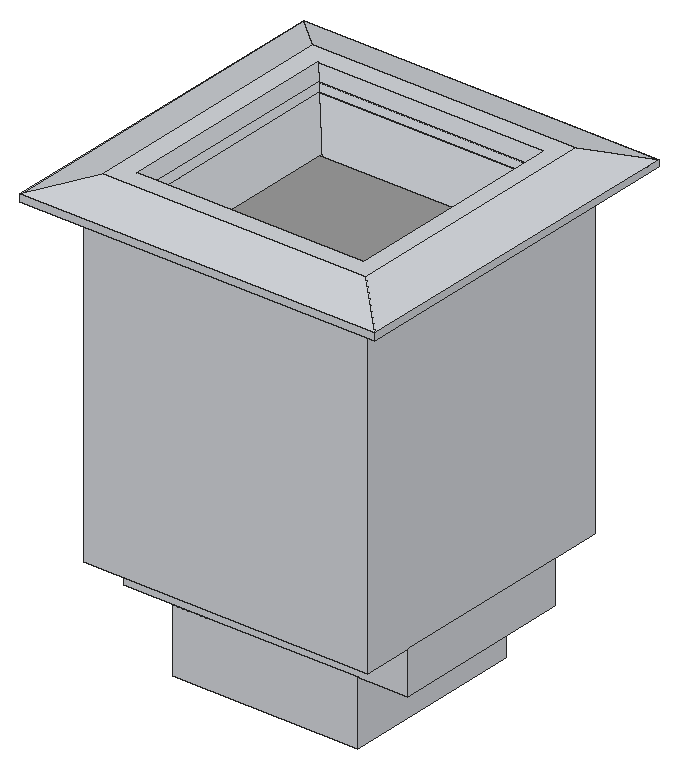
Revit family "2061026 Sylvania Lighting Fixture DOMINO 1xLED 930 BLACK NB TRIM WHITE", category Lighting Fixtures, host Face, Revit 2018
Family settings
  Host = Face
  Round Connector Dimension = Use Diameter
  Part Type = Normal
  OmniClass Number = 23.80.70.00
  OmniClass Title = Lighting
  Cut with Voids When Loaded = No
  Light Source = Yes
  Shared = No
  Room Calculation Point = No
Parameters (values of type "2061026 DOMINO 1XLED 930 BLACK NB TR WHT ")
  top top width = 15.812 mm
  top top length = 26 mm
  Width = 50 mm
  Weight = "n/a"
  Wattage Comments = ""
  Wattage = 9.2903 W
  WarrantyStartDate [instance] = "n/a"
  WarrantyGuarantorParts = "n/a"
  WarrantyDurationUnit = "n/a"
  WarrantyDurationParts = ""
  WarrantyDescription = "http://www.sylvania-lighting.com"
  built-in parameter 1150110 = 1 (stored number, unit not read)
  Voltage = 0 V
  URL = "0.6"
  TypeName = "DOMINO 1xLED 930 BLACK NB TRIM WHITE"
  Type Image = <None>
  Type Comments = "n/a"
  built-in parameter 1114217 = 1 (stored number, unit not read)
  Top Width = 26 mm
  Tilt Angle = 90.00°
  built-in parameter 1150109 = 1 (stored number, unit not read)
  built-in parameter 1150134 = 3
  built-in parameter 1150113 = 1 (stored number, unit not read)
  SerialNumber [instance] = "n/a"
  Recessed Width = 43 mm
  Recessed Length = 43 mm
  Photometric Web File = "2061026.ies"
  Material_3_FEILO = none
  PowerFactor = 0
  PowerConsumption = "Lighting"
  NominalLength = 50 mm
  NominalHeight = 0 mm
  NominalDepth = 0 mm
  Name = "DOMINO 1xLED 930 BLACK NB TRIM WHITE"
  ModelReference = Name  # "DOMINO 1xLED 930 BLACK NB TRIM WHITE"
  ModelNumber = "2061026"
  Model = Name  # "DOMINO 1xLED 930 BLACK NB TRIM WHITE"
  Material = "Feilo Sylvania"
  ManufacturerName = "45 lm/W"
  Manufacturer = ""
  LuminousEfficacy = ""
  built-in parameter 1150105 = 109.82 (stored number, unit not read)
  Lumens = 1380 lm
  LuminaireType = "0"
  built-in parameter 1150115 = 1 (stored number, unit not read)
  LightOutputRatio = "LED"
  built-in parameter 1150137 = (empty or 0)
  built-in parameter 1150139 = (empty or 0)
  Lens inside recess = 25 mm
  Lens Width = 32 mm
  Lens Outside recess = 31.978 mm
  Lens = Glass, White, High Luminance
  Length = 50 mm
  LampsType = Lamp  # "n/a"
  LampNominalLuminous = "3000 K"
  LampMacAdamStep = "90"
  LampColourTemperature = "LED"
  LampColourRenderingIndex = "16500"
  built-in parameter 1150112 = 1 (stored number, unit not read)
  built-in parameter 1150114 = 1 (stored number, unit not read)
  Lamp = "n/a"
  Keynote = "n/a"
  InstallationDate [instance] = "n/a"
  InputVoltage = "0"
  InputNominalFrequency = "3000"
  built-in parameter 1150132 = (empty or 0)
  built-in parameter 1150102 = (empty or 0)
  built-in parameter 1150107 = 3200 (stored number, unit not read)
  built-in parameter 1150138 = (empty or 0)
  IngressProtection = "IfcLightFixtureType"
  ImpactProtectionIndex = "IfcLightFixtureType"
  built-in parameter 1150106 = 1.0982 (stored number, unit not read)
  IfcExportType = "IfcLightFixtureType"
  IfcExportAs = "Class II"
  Facia internal width = 37 mm
  Facia internal length = 37 mm
  Facia Height = 2 mm
  ExpectedLife = 50000
  Emit from Circle Diameter = 609.6 mm
  Emit Shape Visible in Rendering = no
  ElectricShockClassification = "45"
  built-in parameter 1150104 = 13.8 (stored number, unit not read)
  DurationUnit = "hours"
  DocumentationLiterature = "http://www.sylvania-lighting.com/product/en-int/products/2061026"
  DimmingControlOptions = "n/a"
  Material_2_FEILO = none
  Dimming Lamp Color Temperature Shift = <None>
  Description = "Modular LED recessed linear spotlight, ideal for retail and hospitality applications. Die-cast aluminium body, passive cooling. Two levels of reflector installation, low glaring UGR<16. 1x LED source, 15° beam angle , optics: PMMA lens and polycarbonate reflector combination, Black matt reflector finish. Light color temperature: 3000K warm white, total system power: 4W , total fixture lumen output: 180lm, efficacy: 45 lm/W, Ra90 typical, LED chromacity: 3 step MacAdam ellipse (SDCM3), lifespan: 96,000 hours at 90% of the original output (L90B10), IR/UV free light source without heat radiation, operating voltage: 220-240V / 50-60Hz, electronic driver, ultra low flicker, non-dimmable , electrical protection: Class II. Degree of Protection: IP40/IP20, suitable for indoor environment only. Ceiling cut-out: 43x43mm, outer dimensions:  50x50mm trim frame RAL 9016 - Traffic white / Bezel color.5 years Warranty."
  Default Elevation = 1219.2 mm
  CreatedOn = "09/02/2021"
  CreatedBy = "@sylvania-lighting.com"
  Cost = 0
  Color Filter = 16777215
  built-in parameter 1114216 [instance] = (empty or 0)
  ClassificationValue = "EF_70_80"
  ClassificationName = "Uniclass2015"
  Material_1_FEILO = none
  Body Width = 40 mm
  Body Length = 40 mm
  BarCode [instance] = "n/a"
  built-in parameter 1114218 = 1 (stored number, unit not read)
  built-in parameter 1150133 = 10 (stored number, unit not read)
  AssetType = "Fixed"
  AssetIdentifier [instance] = "n/a"
  Assembly Code = "D5020200"
  Apparent Load = 4 VA
  Material_4_FEILO = none
Reference planes
  plane 1 "Center (Front/Back)": y = 0
  plane 2: z = 0
  plane 3 "Center (Left/Right)": x = 0
  plane 4: z = 0
  plane 5: z = -7
  plane 6: z = -45.895
  plane 7: z = -51.895
  plane 8: z = -60.895
  plane 9: x = -21.5
  plane 10: x = 21.5
  plane 11: y = 21.5
  plane 12: y = -21.5
  plane 13: x = -25
  plane 14: x = 25
  plane 15: y = 25
  plane 16: y = -25
  plane 17: x = 18.5
  plane 18: x = -18.5
  plane 19: y = 18.5
  plane 20: y = -18.5
  plane 21: z = 2
  plane 22: x = -20
  plane 23: x = 20
  plane 24: y = 20
  plane 25: y = -20
  plane 26: y = 13
  plane 27: y = -13
  plane 28: y = 16
  plane 29: y = -16
  plane 30: x = 13
  plane 31: x = -13
  plane 32: x = -15.772
  plane 33: x = 16.206
  plane 34: y = 12.5
  plane 35: y = -12.5
  plane 36: x = -12.5
  plane 37: x = 12.5
Forms (mm)
  Extrusion 1, solid, not visible, detail levels medium+fine
    sketch origin (4.2, 0, 0) x (1, 0, 0) y (0, 1, 0)
      loop
        line (-29.2, 34.5) -> (-29.2, -34.5) -> (20.8, -34.5) -> (20.8, 34.5) -> (-29.2, 34.5)
    from 0 to 1
  Extrusion 2, solid, not visible, detail levels medium+fine
    sketch origin (4.044, 0, 0) x (1, 0, 0) y (0, 1, 0)
      loop
        line (-29.2, 34.5) -> (-29.2, -34.5) -> (20.8, -34.5) -> (20.8, 34.5) -> (-29.2, 34.5)
    from 0 to 1
  Blend 3, solid, not visible, detail levels medium+fine
    base sketch origin (4.2, 0, 0) x (1, 0, 0) y (0, 1, 0)
      loop
        line (-29.2, 34.5) -> (-29.2, -34.5) -> (20.8, -34.5) -> (20.8, 34.5) -> (-29.2, 34.5)
    top sketch origin (4.2, 0, 0) x (1, 0, 0) y (0, 1, 0)
      loop
        line (-21.7, 28) -> (-21.7, -28) -> (13.3, -28) -> (13.3, 28) -> (-21.7, 28)
    from 1 to 3
  Extrusion 4, solid, not visible, detail levels medium+fine
    sketch origin (3.419, 0, 0) x (1, 0, 0) y (0, 1, 0)
      loop
        line (-29.2, 34.5) -> (-29.2, -34.5) -> (20.8, -34.5) -> (20.8, 34.5) -> (-29.2, 34.5)
    from 0 to 1
  Blend 5, solid, not visible, detail levels medium+fine
    base sketch origin (3.575, 0, 0) x (1, 0, 0) y (0, 1, 0)
      loop
        line (-29.2, 34.5) -> (-29.2, -34.5) -> (20.8, -34.5) -> (20.8, 34.5) -> (-29.2, 34.5)
    top sketch origin (3.575, 0, 0) x (1, 0, 0) y (0, 1, 0)
      loop
        line (-21.7, 28) -> (-21.7, -28) -> (13.3, -28) -> (13.3, 28) -> (-21.7, 28)
    from 1 to 3
  Extrusion 6, solid, not visible, detail levels medium+fine
    sketch origin (4.247, 0, 0) x (1, 0, 0) y (0, 1, 0)
      loop
        line (-29.2, 34.5) -> (-29.2, -34.5) -> (20.8, -34.5) -> (20.8, 34.5) -> (-29.2, 34.5)
    from 0 to 1
  Blend 7, solid, not visible, detail levels medium+fine
    base sketch origin (4.403, 0, 0) x (1, 0, 0) y (0, 1, 0)
      loop
        line (-29.2, 34.5) -> (-29.2, -34.5) -> (20.8, -34.5) -> (20.8, 34.5) -> (-29.2, 34.5)
    top sketch origin (4.403, 0, 0) x (1, 0, 0) y (0, 1, 0)
      loop
        line (-21.7, 28) -> (-21.7, -28) -> (13.3, -28) -> (13.3, 28) -> (-21.7, 28)
    from 1 to 3
  Extrusion 8, void, detail levels medium+fine
    sketch origin (4.2, 0, 0) x (0, 1, 0) y (1, 0, 0)
      loop
        line (21.5, -25.7) -> (21.5, 17.3) -> (-21.5, 17.3) -> (-21.5, -25.7) -> (21.5, -25.7)
    from -9.934 to 83.097
  Extrusion 9, solid, detail levels medium+fine
    sketch origin (4.2, 0, 0) x (1, 0, 0) y (0, 1, 0)
      loop
        line (-29.2, 25) -> (-29.2, -25) -> (20.8, -25) -> (20.8, 25) -> (-29.2, 25)
    from 0 to 1
  Extrusion 10, solid, detail levels medium+fine
    sketch origin (4.2, 0, 0) x (1, 0, 0) y (0, 1, 0)
      loop
        line (-24.2, 20) -> (-24.2, -20) -> (15.8, -20) -> (15.8, 20) -> (-24.2, 20)
    from 0 to -45.895
  Extrusion 11, solid, detail levels medium+fine
    sketch origin (4.2, 0, 0) x (1, 0, 0) y (0, 1, 0)
      loop
        line (-24.2, 13) -> (-24.2, -13) -> (15.8, -13) -> (15.8, 13) -> (-24.2, 13)
    from -51.895 to -45.895
  Extrusion 12, solid, material "Glass, White, High Luminance" <- "Lens", detail levels fine
    sketch origin (13.547, 1218.849, 36.156) x (1, 0, 0) y (0, 1, 0)
      loop
        line (-26.047, -1206.7) -> (-26.047, -1231.7) -> (-1.047, -1231.7) -> (-1.047, -1206.7) -> (-26.047, -1206.7)
    from -43.156 to -42.182
  Blend 13, solid, detail levels medium+fine
    base sketch origin (4.2, 0, 0) x (1, 0, 0) y (0, 1, 0)
      loop
        line (-29.2, 25) -> (-29.2, -25) -> (20.8, -25) -> (20.8, 25) -> (-29.2, 25)
    top sketch origin (4.2, 0, 0) x (1, 0, 0) y (0, 1, 0)
      loop
        line (-22.7, 18.5) -> (-22.7, -18.5) -> (14.3, -18.5) -> (14.3, 18.5) -> (-22.7, 18.5)
    from 1 to 3
  Extrusion 14, solid, detail levels fine
    sketch origin (0, 0, 0) x (1, 0, 0) y (0, 0, 1)
      loop
        line (-13, -51.895) -> (-13, -60.895) -> (13, -60.895) -> (13, -51.895) -> (-13, -51.895)
    from -13 to 13
  Blend 15, void, detail levels medium+fine
    base sketch origin (4.2, 0, 0) x (0, 1, 0) y (-1, 0, 0)
      loop
        line (16, 19.972) -> (-16, 19.972) -> (-16, -12.006) -> (16, -12.006) -> (16, 19.972)
    top sketch origin (4.2, 0, 0) x (0, 1, 0) y (-1, 0, 0)
      loop
        line (12.5, 16.7) -> (-12.5, 16.7) -> (-12.5, -8.3) -> (12.5, -8.3) -> (12.5, 16.7)
    from 3 to -7
  Extrusion 16, solid, detail levels coarse
    sketch origin (4.2, 0, 0) x (1, 0, 0) y (0, 1, 0)
      loop
        line (-29.2, 25) -> (-29.2, -25) -> (20.8, -25) -> (20.8, 25) -> (-29.2, 25)
    from 3 to -60.895
Cuts and joins
  Blend 15 cuts Extrusion 9
  Blend 15 cuts Extrusion 10
  Blend 15 cuts Blend 13
Dimensions and locks
  "Recessed Length": plane 9 to plane 10
  equal spacing: plane 9, plane 3 "Center (Left/Right)", plane 10
  "Length": plane 13 to plane 14
  equal spacing: plane 13, plane 3 "Center (Left/Right)", plane 14
  "Recessed Width": plane 11 to plane 12
  equal spacing: plane 11, plane 1 "Center (Front/Back)", plane 12
  "Width": plane 15 to plane 16
  equal spacing: plane 15, plane 1 "Center (Front/Back)", plane 16
  "Facia internal length": plane 18 to plane 17
  equal spacing: plane 18, plane 3 "Center (Left/Right)", plane 17
  "Facia internal width": plane 19 to plane 20
  equal spacing: plane 19, plane 1 "Center (Front/Back)", plane 20
  "Facia Height": plane 21 to host face
  "Body Length": plane 22 to plane 23
  equal spacing: plane 22, plane 3 "Center (Left/Right)", plane 23
  "Body Width": plane 24 to plane 25
  equal spacing: plane 24, plane 1 "Center (Front/Back)", plane 25
  "Top Width": plane 26 to plane 27
  equal spacing: plane 26, plane 1 "Center (Front/Back)", plane 27
  "Lens Width": plane 28 to plane 29
  equal spacing: plane 28, plane 1 "Center (Front/Back)", plane 29
  "top top length": plane 31 to plane 30
  equal spacing: plane 31, plane 3 "Center (Left/Right)", plane 30  (x2)
  plane 30 to plane 31 = 26 mm
  equal spacing: plane 30, plane 3 "Center (Left/Right)", plane 31
  "Lens Outside recess": plane 32 to plane 33
  "Lens inside recess": plane 34 to plane 35
  equal spacing: plane 34, plane 1 "Center (Front/Back)", plane 35
  aligned and locked: plane 2 to host face
  aligned and locked: level to host face
  aligned and locked: Extrusion 11 to plane 7
  aligned and locked: Extrusion 10 to plane 6
  aligned and locked: cut or joined group of Blend 13, Blend 15 to Blend 15
Automatic sketch dimensions
  host sketch curve to host sketch curve = 2438.4 mm  (x2)
  Extrusion 1 sketch curve to Extrusion 1 sketch curve = 50 mm
  Extrusion 1 sketch curve to Extrusion 1 sketch curve = 69 mm
  Extrusion 2 sketch curve to Extrusion 2 sketch curve = 50 mm
  Extrusion 2 sketch curve to Extrusion 2 sketch curve = 69 mm
  Blend 3 sketch curve to Blend 3 sketch curve = 50 mm
  Blend 3 sketch curve to Blend 3 sketch curve = 69 mm
  Blend 3 sketch curve to Blend 3 sketch curve = 35 mm
  Blend 3 sketch curve to Blend 3 sketch curve = 56 mm
  Extrusion 4 sketch curve to Extrusion 4 sketch curve = 50 mm
  Extrusion 4 sketch curve to Extrusion 4 sketch curve = 69 mm
  Blend 5 sketch curve to Blend 5 sketch curve = 50 mm
  Blend 5 sketch curve to Blend 5 sketch curve = 69 mm
  Blend 5 sketch curve to Blend 5 sketch curve = 35 mm
  Blend 5 sketch curve to Blend 5 sketch curve = 56 mm
  Extrusion 6 sketch curve to Extrusion 6 sketch curve = 50 mm
  Extrusion 6 sketch curve to Extrusion 6 sketch curve = 69 mm
  Blend 7 sketch curve to Blend 7 sketch curve = 50 mm
  Blend 7 sketch curve to Blend 7 sketch curve = 69 mm
  Blend 7 sketch curve to Blend 7 sketch curve = 35 mm
  Blend 7 sketch curve to Blend 7 sketch curve = 56 mm
  plane 9 to Extrusion 8 sketch curve = 0 mm
  Extrusion 8 sketch curve to plane 12 = 0 mm
  Extrusion 8 sketch curve to plane 11 = 0 mm
  Extrusion 8 sketch curve to plane 10 = 0 mm
  plane 13 to Extrusion 9 sketch curve = 0 mm
  plane 14 to Extrusion 9 sketch curve = 0 mm
  Extrusion 9 sketch curve to plane 16 = 0 mm
  Extrusion 9 sketch curve to plane 15 = 0 mm
  Extrusion 10 sketch curve to plane 22 = 0 mm
  Extrusion 10 sketch curve to plane 23 = 0 mm
  Extrusion 10 sketch curve to plane 25 = 0 mm
  Extrusion 10 sketch curve to plane 24 = 0 mm
  Extrusion 11 sketch curve to plane 22 = 0 mm
  Extrusion 11 sketch curve to plane 23 = 0 mm
  Extrusion 11 sketch curve to plane 27 = 0 mm
  Extrusion 11 sketch curve to plane 26 = 0 mm
  Extrusion 12 sketch curve to plane 11 = 9.351 mm
  plane 1 "Center (Front/Back)" to Extrusion 12 sketch curve = 12.851 mm
  plane 18 to Extrusion 12 sketch curve = 6 mm
  Blend 13 sketch curve to plane 13 = 0 mm
  Blend 13 sketch curve to plane 14 = 0 mm
  Blend 13 sketch curve to plane 16 = 0 mm
  Blend 13 sketch curve to plane 15 = 0 mm
  Blend 13 sketch curve to plane 18 = 0 mm
  Blend 13 sketch curve to plane 17 = 0 mm
  Blend 13 sketch curve to plane 20 = 0 mm
  Blend 13 sketch curve to plane 19 = 0 mm
  Extrusion 12 sketch curve to Extrusion 12 sketch curve = 25 mm
  Extrusion 14 sketch curve to plane 8 = 0 mm
  Extrusion 14 sketch curve to plane 31 = 0 mm
  Extrusion 14 sketch curve to plane 30 = 0 mm
  Extrusion 14 sketch curve to plane 7 = 0 mm
  Blend 15 sketch curve to plane 29 = 0 mm
  Blend 15 sketch curve to plane 28 = 0 mm
  Blend 15 sketch curve to plane 33 = 0 mm
  Blend 15 sketch curve to plane 32 = 0 mm
  Blend 15 sketch curve to plane 35 = 0 mm
  Blend 15 sketch curve to plane 34 = 0 mm
  Blend 15 sketch curve to plane 37 = 0 mm
  Blend 15 sketch curve to plane 36 = 0 mm
  Extrusion 16 sketch curve to plane 13 = 0 mm
  Extrusion 16 sketch curve to plane 14 = 0 mm
  Extrusion 16 sketch curve to plane 16 = 0 mm
  Extrusion 16 sketch curve to plane 15 = 0 mm
Connectors
  electrical at (0, 0, -60.895)
    settings: on Extrusion 14, index 1, voltage 0 V, apparent load 0 VA, apparent load phase1 0 VA, apparent load phase2 0 VA, apparent load phase3 0 VA, power factor 1, load classification "Other", number of poles 1, system type 31, power factor state 1, is connector primary yes, connector utility no, sub classification motor no, connector description ""
